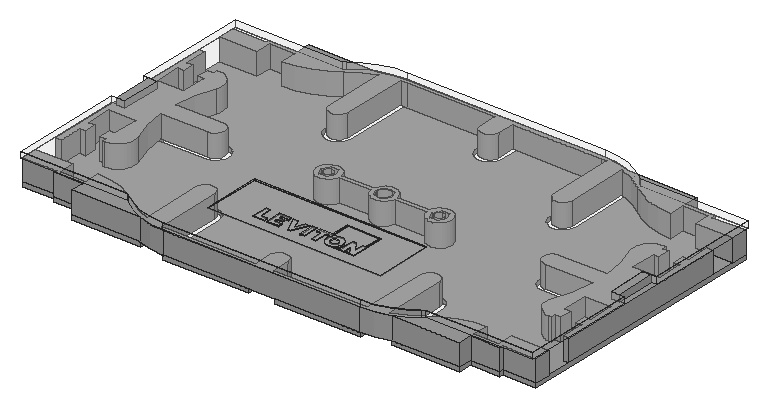
Revit family "Data_Device-Network-Leviton-Splice_Tray-T5PLS", category Data Devices, host Face, Revit 2019 (continued)
Definition of nested family "24-Fiber High Density"
  Lines and regions (in)
    symbolic lines
      curve 17: line (3.61835, 0.29384, 0) -> (3.815, 0.29384, 0)
      curve 18: line (3.815, 0.29384, 0) -> (3.815, 2.00116, 0)
      curve 19: line (3.815, 2.00116, 0) -> (2.21957, 2.00116, 0)
      curve 20: arc (2.21957, 2.00116, 0) -> (2.20273, 2.01354, 0) -> (2.18611, 2.02622, 0) r 1.17102
      curve 21: arc (2.18611, 2.02622, 0) -> (1.84926, 2.21468, 0) -> (1.46883, 2.28, 0) r 1.14053
      curve 22: line (1.46883, 2.28, 0) -> (-1.46883, 2.28, 0)
      curve 23: arc (-1.46883, 2.28, 0) -> (-1.84926, 2.21468, 0) -> (-2.18611, 2.02622, 0) r 1.14053
      curve 24: arc (-2.18611, 2.02622, 0) -> (-2.20273, 2.01354, 0) -> (-2.21957, 2.00116, 0) r 1.17102
  Dimensions and locks (in)
    equal spacing: plane 5 "Top", plane 1 "Center (Front/Back)", plane 7 "Bottom"
    "Height": plane 5 "Top" to plane 7 "Bottom"
    equal spacing: plane 4 "Left", plane 3 "Center (Left/Right)", plane 6 "Right"
    "Width": plane 4 "Left" to plane 6 "Right"
    "Depth": plane 8 to plane 2
    locked: plane 8 to plane 9 at 0.1
    plane 10 to plane 2 = 0.06"
    locked: nested 1 to plane 7 "Bottom" at 0.78
    equal spacing: plane 11, plane 3 "Center (Left/Right)", plane 12
    locked: plane 11 to plane 12 at 1.65338
    Extrusion 5 sketch curve to Extrusion 5 sketch curve to plane 7 "Bottom" = 0.87" locked, 0.6" locked
    equal spacing: Extrusion 5 sketch curve, plane 3 "Center (Left/Right)", Extrusion 5 sketch curve
    locked: Extrusion 5 sketch curve to Extrusion 5 sketch curve at 2.57
    aligned and locked: plane 2 to Extrusion 1
    aligned and locked: level to Extrusion 1
    aligned and locked: plane 10 to Extrusion 3
    aligned and locked: Extrusion 4 sketch curve to plane 4 "Left"
    aligned and locked: Extrusion 4 sketch curve to plane 6 "Right"
    aligned and locked: Extrusion 4 sketch curve to plane 5 "Top"
    aligned and locked: Extrusion 4 sketch curve to plane 7 "Bottom"
    aligned and locked: Extrusion 4 to plane 9
    aligned and locked: nested 1 to plane 9
    aligned and locked: cut or joined group of Extrusion 4, Extrusion 5, Extrusion 6 to plane 9
    aligned and locked: Extrusion 5 to nested 1
    aligned and locked: Extrusion 7 to plane 9
    aligned and locked: curve 1 to cut or joined group of Extrusion 4, Extrusion 5, Extrusion 6
    aligned and locked: curve 2 to cut or joined group of Extrusion 4, Extrusion 5, Extrusion 6
    aligned and locked: curve 3 to cut or joined group of Extrusion 4, Extrusion 5, Extrusion 6
    aligned and locked: curve 4 to cut or joined group of Extrusion 4, Extrusion 5, Extrusion 6
    aligned and locked: curve 5 to cut or joined group of Extrusion 4, Extrusion 5, Extrusion 6
    aligned and locked: curve 6 to cut or joined group of Extrusion 4, Extrusion 5, Extrusion 6
    aligned and locked: curve 7 to cut or joined group of Extrusion 4, Extrusion 5, Extrusion 6
    aligned and locked: curve 8 to cut or joined group of Extrusion 4, Extrusion 5, Extrusion 6
    aligned and locked: curve 9 to cut or joined group of Extrusion 4, Extrusion 5, Extrusion 6
    aligned and locked: curve 10 to cut or joined group of Extrusion 4, Extrusion 5, Extrusion 6
    aligned and locked: curve 11 to cut or joined group of Extrusion 4, Extrusion 5, Extrusion 6
    aligned and locked: curve 12 to cut or joined group of Extrusion 4, Extrusion 5, Extrusion 6
    aligned and locked: curve 13 to cut or joined group of Extrusion 4, Extrusion 5, Extrusion 6
    aligned and locked: curve 14 to cut or joined group of Extrusion 4, Extrusion 5, Extrusion 6
    aligned and locked: curve 15 to cut or joined group of Extrusion 4, Extrusion 5, Extrusion 6
    aligned and locked: curve 16 to cut or joined group of Extrusion 4, Extrusion 5, Extrusion 6
    aligned and locked: curve 17 to cut or joined group of Extrusion 4, Extrusion 5, Extrusion 6
    aligned and locked: curve 18 to cut or joined group of Extrusion 4, Extrusion 5, Extrusion 6
    aligned and locked: curve 19 to cut or joined group of Extrusion 4, Extrusion 5, Extrusion 6
    aligned and locked: curve 20 to cut or joined group of Extrusion 4, Extrusion 5, Extrusion 6
    aligned and locked: curve 21 to cut or joined group of Extrusion 4, Extrusion 5, Extrusion 6
    aligned and locked: curve 22 to cut or joined group of Extrusion 4, Extrusion 5, Extrusion 6
    aligned and locked: curve 23 to cut or joined group of Extrusion 4, Extrusion 5, Extrusion 6
    aligned and locked: curve 24 to cut or joined group of Extrusion 4, Extrusion 5, Extrusion 6
  Automatic sketch dimensions
    Extrusion 1 sketch curve to Extrusion 1 sketch curve = 96"  (x2)
    Extrusion 6 sketch curve to Extrusion 6 sketch curve = 0"  (x2)
    Extrusion 6 sketch curve to plane 11 = 0"
    Extrusion 6 sketch curve to plane 3 "Center (Left/Right)" = 0"
    Extrusion 6 sketch curve to plane 12 = 0"
    plane 1 "Center (Front/Back)" to Extrusion 6 sketch curve = 0.00011"  (x3)
    Extrusion 6 sketch curve to Extrusion 6 sketch curve = 0.1"
    Extrusion 2 sketch curve to Extrusion 2 sketch curve = 0"  (x18)
    Extrusion 2 sketch curve to plane 4 "Left" = 0"  (x3)
    Extrusion 2 sketch curve to plane 3 "Center (Left/Right)" = 0"  (x4)
    Extrusion 2 sketch curve to plane 6 "Right" = 0"  (x3)
    plane 4 "Left" to Extrusion 2 sketch curve = 0.07866"  (x4)
    Extrusion 2 sketch curve to Extrusion 2 sketch curve = 0.08849"  (x8)
    Extrusion 2 sketch curve to Extrusion 2 sketch curve = 0.21631"  (x2)
    plane 4 "Left" to Extrusion 2 sketch curve = 0.49162"  (x2)
    Extrusion 2 sketch curve to Extrusion 2 sketch curve = 0.03747"  (x6)
    Extrusion 2 sketch curve to Extrusion 2 sketch curve = 0.05899"  (x9)
    Extrusion 2 sketch curve to plane 1 "Center (Front/Back)" = 0.13652"
    Extrusion 2 sketch curve to Extrusion 2 sketch curve = 0.12918"
    Extrusion 2 sketch curve to Extrusion 2 sketch curve = 0.00016"  (x2)
    plane 4 "Left" to Extrusion 2 sketch curve = 0.90371"  (x2)
    Extrusion 2 sketch curve to Extrusion 2 sketch curve = 0.37363"  (x9)
    plane 1 "Center (Front/Back)" to Extrusion 2 sketch curve = 0.13879"  (x2)
    Extrusion 2 sketch curve to Extrusion 2 sketch curve = 0.70451"
    Extrusion 2 sketch curve to plane 5 "Top" = 0.07787"
    Extrusion 2 sketch curve to Extrusion 2 sketch curve = 1.01533"  (x2)
    plane 7 "Bottom" to Extrusion 2 sketch curve = 0.07787"
    Extrusion 2 sketch curve to Extrusion 2 sketch curve = 0.06624"  (x4)
    Extrusion 2 sketch curve to Extrusion 2 sketch curve = 0.13765"  (x9)
    Extrusion 2 sketch curve to Extrusion 2 sketch curve = 0.08"  (x3)
    Extrusion 2 sketch curve to Extrusion 2 sketch curve = 0.00943"  (x6)
    plane 1 "Center (Front/Back)" to Extrusion 2 sketch curve = 0.00113"  (x3)
    Extrusion 2 sketch curve to plane 11 = 0.44521"
    plane 1 "Center (Front/Back)" to Extrusion 2 sketch curve = 0.00011"  (x5)
    Extrusion 2 sketch curve to plane 11 = 0.12302"
    Extrusion 2 sketch curve to plane 11 = 0.06151"  (x2)
    plane 11 to Extrusion 2 sketch curve = 0.00076"
    plane 11 to Extrusion 2 sketch curve = 0.06151"  (x2)
    Extrusion 2 sketch curve to Extrusion 2 sketch curve = 0.12226"
    Extrusion 2 sketch curve to plane 1 "Center (Front/Back)" = 0.02963"  (x2)
    Extrusion 2 sketch curve to Extrusion 2 sketch curve = 0.05203"  (x2)
    plane 1 "Center (Front/Back)" to Extrusion 2 sketch curve = 0.02942"  (x2)
    Extrusion 2 sketch curve to Extrusion 2 sketch curve = 0.00042"  (x2)
    Extrusion 2 sketch curve to plane 3 "Center (Left/Right)" = 0.17667"
    Extrusion 2 sketch curve to plane 5 "Top" = 0.05899"
    Extrusion 2 sketch curve to plane 3 "Center (Left/Right)" = 0.13765"
    plane 12 to Extrusion 2 sketch curve = 0.17547"
    plane 12 to Extrusion 2 sketch curve = 0.06151"  (x2)
    plane 12 to Extrusion 2 sketch curve = 0.00076"
    Extrusion 2 sketch curve to plane 12 = 0.06151"  (x2)
    Extrusion 2 sketch curve to plane 12 = 0.12302"
    Extrusion 2 sketch curve to Extrusion 2 sketch curve = 0.32219"
    Extrusion 2 sketch curve to plane 1 "Center (Front/Back)" = 0.00113"  (x2)
    Extrusion 2 sketch curve to plane 12 = 0.61775"  (x2)
    Extrusion 2 sketch curve to Extrusion 2 sketch curve = 0.08943"
    Extrusion 2 sketch curve to Extrusion 2 sketch curve = 1.23728"
    Extrusion 2 sketch curve to plane 6 "Right" = 0.92425"  (x2)
    Extrusion 2 sketch curve to plane 5 "Top" = 0.27846"
    Extrusion 2 sketch curve to Extrusion 2 sketch curve = 0.02054"  (x2)
    Extrusion 2 sketch curve to plane 6 "Right" = 0.6013"
    Extrusion 2 sketch curve to plane 6 "Right" = 0.50943"  (x2)
    Extrusion 2 sketch curve to plane 6 "Right" = 0.16715"  (x2)
    Extrusion 2 sketch curve to plane 6 "Right" = 0.07866"  (x4)
    Extrusion 2 sketch curve to plane 7 "Bottom" = 0.60961"  (x2)
    plane 7 "Bottom" to Extrusion 2 sketch curve = 0.05899"  (x2)
    Extrusion 2 sketch curve to Extrusion 2 sketch curve = 0.00339"  (x2)
    Extrusion 2 sketch curve to Extrusion 2 sketch curve = 0.68749"
    Extrusion 2 sketch curve to Extrusion 2 sketch curve = 0.03891"  (x4)
    Extrusion 2 sketch curve to Extrusion 2 sketch curve = 0.20058"
    plane 7 "Bottom" to Extrusion 2 sketch curve = 0.27846"
    Extrusion 2 sketch curve to Extrusion 2 sketch curve = 0.25564"  (x2)
    Extrusion 2 sketch curve to Extrusion 2 sketch curve = 0.05585"  (x3)
    Extrusion 2 sketch curve to Extrusion 2 sketch curve = 0.00315"
    Extrusion 2 sketch curve to Extrusion 2 sketch curve = 0.23265"  (x3)
    Extrusion 2 sketch curve to Extrusion 2 sketch curve = 0.23598"  (x2)
    Extrusion 2 sketch curve to Extrusion 2 sketch curve = 0.23283"
    Extrusion 2 sketch curve to Extrusion 2 sketch curve = 0.27173"  (x2)
    Extrusion 2 sketch curve to Extrusion 2 sketch curve = 0.06351"  (x4)
    Extrusion 2 sketch curve to Extrusion 2 sketch curve = 0.33524"  (x3)
    Extrusion 2 sketch curve to Extrusion 2 sketch curve = 0.17605"  (x8)
    Extrusion 2 sketch curve to Extrusion 2 sketch curve = 0.00625"  (x4)
    Extrusion 2 sketch curve to Extrusion 2 sketch curve = 0.31237"
    plane 1 "Center (Front/Back)" to Extrusion 2 sketch curve = 0.10664"  (x2)
    Extrusion 2 sketch curve to plane 1 "Center (Front/Back)" = 0.00011"
    Extrusion 2 sketch curve to plane 1 "Center (Front/Back)" = 0.10643"  (x2)
    Extrusion 2 sketch curve to plane 1 "Center (Front/Back)" = 0.45116"  (x2)
    Extrusion 2 sketch curve to Extrusion 2 sketch curve = 0.36739"  (x2)
    Extrusion 2 sketch curve to plane 1 "Center (Front/Back)" = 1.04111"
    Extrusion 2 sketch curve to Extrusion 2 sketch curve = 0.29165"
    Extrusion 2 sketch curve to Extrusion 2 sketch curve = 0.00018"
    Extrusion 2 sketch curve to plane 5 "Top" = 0.06239"
    plane 5 "Top" to Extrusion 2 sketch curve = 0.60961"  (x2)
    Extrusion 2 sketch curve to plane 5 "Top" = 0"
    Extrusion 2 sketch curve to plane 7 "Bottom" = 0"
    Extrusion 3 sketch curve to plane 4 "Left" = 0"
    Extrusion 3 sketch curve to plane 7 "Bottom" = 0"  (x2)
    Extrusion 3 sketch curve to plane 5 "Top" = 0"  (x2)
    Extrusion 3 sketch curve to plane 3 "Center (Left/Right)" = 0"  (x2)
    Extrusion 3 sketch curve to plane 6 "Right" = 0"
    plane 4 "Left" to Extrusion 3 sketch curve = 0.49162"
    Extrusion 3 sketch curve to Extrusion 3 sketch curve = 0.49162"
    Extrusion 3 sketch curve to plane 1 "Center (Front/Back)" = 0.19552"  (x2)
    plane 4 "Left" to Extrusion 3 sketch curve = 0.60622"
    plane 1 "Center (Front/Back)" to Extrusion 3 sketch curve = 0.19778"  (x2)
    Extrusion 3 sketch curve to Extrusion 3 sketch curve = 0"
    Extrusion 3 sketch curve to plane 5 "Top" = 0.07787"  (x2)
    Extrusion 3 sketch curve to Extrusion 3 sketch curve = 0.43263"  (x4)
    plane 7 "Bottom" to Extrusion 3 sketch curve = 0.07787"  (x2)
    Extrusion 3 sketch curve to Extrusion 3 sketch curve = 0.69959"
    Extrusion 3 sketch curve to Extrusion 3 sketch curve = 1.02258"
    Extrusion 3 sketch curve to plane 11 = 1.04148"
    Extrusion 3 sketch curve to Extrusion 3 sketch curve = 0.19665"  (x5)
    Extrusion 3 sketch curve to plane 11 = 0.44521"
    Extrusion 3 sketch curve to plane 3 "Center (Left/Right)" = 0.19665"
    plane 1 "Center (Front/Back)" to Extrusion 3 sketch curve = 0.00113"
    Extrusion 3 sketch curve to plane 12 = 0.44521"
    Extrusion 3 sketch curve to plane 12 = 0.64818"  (x2)
    Extrusion 3 sketch curve to Extrusion 3 sketch curve = 0.64102"
    Extrusion 3 sketch curve to plane 6 "Right" = 0.92425"  (x2)
    Extrusion 3 sketch curve to plane 5 "Top" = 0.27846"
    Extrusion 3 sketch curve to plane 6 "Right" = 0.60622"
    plane 7 "Bottom" to Extrusion 3 sketch curve = 0.27846"
    Extrusion 3 sketch curve to Extrusion 3 sketch curve = 0.20058"  (x2)
    plane 7 "Bottom" to Extrusion 3 sketch curve = 0.31464"
    plane 7 "Bottom" to Extrusion 3 sketch curve = 0.3343"  (x2)
    Extrusion 3 sketch curve to Extrusion 3 sketch curve = 0.96437"  (x3)
    Extrusion 3 sketch curve to Extrusion 3 sketch curve = 1.04224"
    Extrusion 3 sketch curve to plane 5 "Top" = 0.3343"  (x2)
    Extrusion 3 sketch curve to Extrusion 3 sketch curve = 0.31464"
    Extrusion 4 sketch curve to plane 6 "Right" = 0"
    Extrusion 4 sketch curve to plane 4 "Left" = 0"
    Extrusion 4 sketch curve to plane 5 "Top" = 0.27884"  (x2)
    Extrusion 4 sketch curve to plane 7 "Bottom" = 0.67085"  (x2)
    plane 7 "Bottom" to Extrusion 4 sketch curve = 0.27884"  (x2)
    plane 1 "Center (Front/Back)" to Extrusion 4 sketch curve = 1.13947"  (x2)
    plane 1 "Center (Front/Back)" to Extrusion 4 sketch curve = 0.29611"  (x2)
    Extrusion 4 sketch curve to plane 1 "Center (Front/Back)" = 0.29384"  (x2)
    Extrusion 4 sketch curve to plane 1 "Center (Front/Back)" = 1.13947"  (x2)
    plane 5 "Top" to Extrusion 4 sketch curve = 0.67085"  (x2)
    Extrusion 4 sketch curve to plane 6 "Right" = 0.19665"
    Extrusion 4 sketch curve to plane 6 "Right" = 0.91032"  (x2)
    Extrusion 4 sketch curve to Extrusion 4 sketch curve = 1.43585"  (x2)
    Extrusion 4 sketch curve to Extrusion 4 sketch curve = 0.68511"  (x2)
    Extrusion 4 sketch curve to Extrusion 4 sketch curve = 0.75073"  (x4)
    Extrusion 4 sketch curve to plane 11 = 0.64214"  (x2)
    Extrusion 4 sketch curve to Extrusion 4 sketch curve = 0.19665"
    plane 4 "Left" to Extrusion 7 sketch curve = 0.07866"
    plane 1 "Center (Front/Back)" to Extrusion 7 sketch curve = 0.29611"  (x2)
    Extrusion 7 sketch curve to plane 1 "Center (Front/Back)" = 0.29384"  (x2)
    Extrusion 7 sketch curve to plane 6 "Right" = 0.07866"
    Extrusion 7 sketch curve to Extrusion 7 sketch curve = 0.11799"  (x2)
    Extrusion 8 sketch curve to plane 4 "Left" = 0"
    Extrusion 8 sketch curve to plane 7 "Bottom" = 0"
    Extrusion 8 sketch curve to plane 6 "Right" = 0"
    plane 4 "Left" to Extrusion 8 sketch curve = 0.49162"
    Extrusion 8 sketch curve to Extrusion 8 sketch curve = 0.49162"
    Extrusion 8 sketch curve to Extrusion 8 sketch curve = 0.43263"  (x4)
    plane 7 "Bottom" to Extrusion 8 sketch curve = 0.07787"  (x2)
    Extrusion 8 sketch curve to Extrusion 8 sketch curve = 1.0077"  (x2)
    Extrusion 8 sketch curve to plane 6 "Right" = 0.92425"  (x2)
    Extrusion 8 sketch curve to plane 5 "Top" = 0.27846"
    plane 7 "Bottom" to Extrusion 8 sketch curve = 0.27846"
    Extrusion 8 sketch curve to Extrusion 8 sketch curve = 0.20058"  (x2)
    plane 7 "Bottom" to Extrusion 8 sketch curve = 0.3343"  (x2)
    Extrusion 8 sketch curve to plane 5 "Top" = 0.3343"  (x2)
    Extrusion 8 sketch curve to plane 5 "Top" = 0.07787"  (x2)
    Extrusion 8 sketch curve to plane 12 = 0.64214"  (x2)
    Extrusion 8 sketch curve to Extrusion 8 sketch curve = 0.41421"  (x2)
    Extrusion 8 sketch curve to plane 5 "Top" = 0"
    Extrusion 8 sketch curve to plane 11 = 0.64214"  (x2)
    curve 7 to plane 4 "Left" = 0"
    curve 1 to plane 4 "Left" = 0"
    curve 23 to plane 5 "Top" = 0"
    curve 9 to plane 7 "Bottom" = 0"
    curve 18 to plane 6 "Right" = 0"
    curve 15 to plane 6 "Right" = 0"
    curve 2 to curve 4 = 0.19665"
    plane 4 "Left" to curve 24 = 0.91032"
    plane 4 "Left" to curve 8 = 0.91032"
    curve 1 to plane 5 "Top" = 0.27884"
    curve 24 to curve 1 = 0.68511"
    plane 7 "Bottom" to curve 7 = 0.27884"
    curve 8 to curve 7 = 0.68511"
    curve 23 to plane 11 = 0.64214"
    curve 7 to curve 10 = 0.75073"
    curve 10 to plane 12 = 0.64214"
    curve 21 to plane 12 = 0.64214"
    plane 7 "Bottom" to curve 13 = 0.27884"
    curve 11 to curve 13 = 0.75073"
    curve 19 to plane 5 "Top" = 0.27884"
    curve 21 to curve 19 = 0.75073"
    curve 12 to plane 6 "Right" = 0.91032"
    curve 20 to plane 6 "Right" = 0.91032"
    curve 15 to plane 6 "Right" = 0.19665"
    curve 12 to plane 7 "Bottom" = 0.67085"
    curve 8 to plane 7 "Bottom" = 0.67085"
    plane 1 "Center (Front/Back)" to curve 11 = 1.13947"
    plane 1 "Center (Front/Back)" to curve 9 = 1.13947"
    plane 1 "Center (Front/Back)" to curve 6 = 0.29611"
    plane 1 "Center (Front/Back)" to curve 16 = 0.29611"
    curve 17 to plane 1 "Center (Front/Back)" = 0.29384"
    curve 2 to plane 1 "Center (Front/Back)" = 0.29384"
    curve 21 to plane 1 "Center (Front/Back)" = 1.13947"
    curve 23 to plane 1 "Center (Front/Back)" = 1.13947"
    plane 5 "Top" to curve 20 = 0.67085"
    plane 5 "Top" to curve 24 = 0.67085"
    radius of Extrusion 6 sketch curve = 0.06889"  (x2)
    radius of Extrusion 2 sketch curve = 0.12007"
  Nested families (in)
    nested 1: "Levinton-Logo-Mini" at (0, -1.5, 0.47437), type "Mini", detail levels medium+fine
      with Logo Material none
  Definition of nested family "Levinton-Logo-Mini"
    Parameters (values of type "Mini")
      Logo Material [instance] = none
      Height = 0.645"
      Default Elevation = 48"
    Reference planes (in)
      plane 1 "Center (Front/Back)": y = 0
      plane 2: z = 0
      plane 3 "Center (Left/Right)": x = 0
      plane 4 "Logo Bottom": z = -0.01563
      plane 5: y = 0.52022
      plane 6: x = -0.75
      plane 7: x = 0.75
    Forms (in)
      Extrusion 1, solid, material <- "Logo Material"
        sketch origin (0, 0, -0.01563) x (-1, 0, 0) y (0, -1, 0)
          loop
            line (0.6807, -0.2447) -> (0.75, -0.2447) -> (0.75, 0) -> (0.58397, 0) -> (0.58397, -0.0648) -> (0.6807, -0.0648) -> (0.6807, -0.2447)
          loop
            line (0.36502, -0.2447) -> (0.54675, -0.2447) -> (0.54675, 0) -> (0.36343, 0) -> (0.36343, -0.0638) -> (0.47784, -0.0638) -> (0.47784, -0.09755) -> (0.39492, -0.09755) -> (0.39492, -0.1488) -> (0.47784, -0.1488) -> (0.47784, -0.181) -> (0.36502, -0.181) -> (0.36502, -0.2447)
          loop
            line (0.26335, -0.2447) -> (0.33945, -0.2447) -> (0.24068, 0.00131) -> (0.18347, 0.00146) -> (0.08461, -0.2447) -> (0.15942, -0.2447) -> (0.21139, -0.10474) -> (0.26335, -0.2447)
          loop
            line (-0.01265, -0.2447) -> (0.05659, -0.2447) -> (0.05659, 0) -> (-0.01265, 0) -> (-0.01265, -0.2447)
          loop
            line (-0.36974, 0.00286) -> (-0.75, 0.00286) -> (-0.75, -0.52022) -> (-0.24513, -0.52022) -> (-0.24513, -0.2447) -> (-0.05545, -0.2447) -> (-0.05545, -0.1794) -> (-0.11618, -0.1794) -> (-0.11618, 0) -> (-0.18542, 0) -> (-0.18542, -0.1794) -> (-0.24514, -0.1794) -> (-0.24514, -0.12175)
            arc (-0.24514, -0.12175) -> (-0.28164, -0.03364) -> (-0.36974, 0.00286) r 0.1246
          loop
            line (-0.43149, -0.01348) -> (-0.53031, -0.01348) -> (-0.53031, -0.2447) -> (-0.59073, -0.2447) -> (-0.6814, -0.12172) -> (-0.6814, -0.2447) -> (-0.73267, -0.2447) -> (-0.73265, -0.50286) -> (-0.26251, -0.50286) -> (-0.26242, -0.18507)
            arc (-0.26242, -0.18507) -> (-0.45852, -0.2092) -> (-0.43149, -0.01348) r 0.12462
          loop
            line (-0.59892, -0.01348) -> (-0.6814, -0.01348) -> (-0.59892, -0.12534) -> (-0.59892, -0.01348)
          loop
            circle (-0.36975, -0.12173) r 0.05894
        from 0.01562 to 0.03125
    Dimensions and locks (in)
      locked: plane 2 to plane 4 "Logo Bottom" at 0.01562
      equal spacing: plane 6, plane 3 "Center (Left/Right)", plane 7
      locked: plane 6 to plane 7 at 1.5
      locked: plane 1 "Center (Front/Back)" to plane 5 at 0.52022
    Automatic sketch dimensions
      Extrusion 1 sketch curve to Extrusion 1 sketch curve = 0"  (x7)
      plane 1 "Center (Front/Back)" to Extrusion 1 sketch curve = 0"  (x4)
      Extrusion 1 sketch curve to plane 3 "Center (Left/Right)" = 0.75"
      Extrusion 1 sketch curve to Extrusion 1 sketch curve = 0.01733"
      Extrusion 1 sketch curve to Extrusion 1 sketch curve = 0.01735"
      Extrusion 1 sketch curve to plane 1 "Center (Front/Back)" = 0.12172"
      Extrusion 1 sketch curve to Extrusion 1 sketch curve = 0.05127"
      Extrusion 1 sketch curve to plane 1 "Center (Front/Back)" = 0.01348"  (x2)
      Extrusion 1 sketch curve to Extrusion 1 sketch curve = 0.0686"
      Extrusion 1 sketch curve to plane 1 "Center (Front/Back)" = 0.12534"
      Extrusion 1 sketch curve to Extrusion 1 sketch curve = 0.08248"
      Extrusion 1 sketch curve to plane 1 "Center (Front/Back)" = 0.2447"  (x2)
      Extrusion 1 sketch curve to Extrusion 1 sketch curve = 0.09067"
      Extrusion 1 sketch curve to Extrusion 1 sketch curve = 0.06041"
      Extrusion 1 sketch curve to Extrusion 1 sketch curve = 0.09883"
      Extrusion 1 sketch curve to Extrusion 1 sketch curve = 0.06174"
      Extrusion 1 sketch curve to Extrusion 1 sketch curve = 0.00001"  (x2)
      plane 3 "Center (Left/Right)" to Extrusion 1 sketch curve = 0.26251"
      Extrusion 1 sketch curve to Extrusion 1 sketch curve = 0.10732"
      Extrusion 1 sketch curve to Extrusion 1 sketch curve = 0.01728"
      Extrusion 1 sketch curve to Extrusion 1 sketch curve = 0.01729"
      Extrusion 1 sketch curve to Extrusion 1 sketch curve = 0.05972"
      Extrusion 1 sketch curve to Extrusion 1 sketch curve = 0.06924"
      plane 3 "Center (Left/Right)" to Extrusion 1 sketch curve = 0.05545"
      plane 3 "Center (Left/Right)" to Extrusion 1 sketch curve = 0.01265"
      Extrusion 1 sketch curve to plane 3 "Center (Left/Right)" = 0.05659"
      Extrusion 1 sketch curve to Extrusion 1 sketch curve = 0.02802"
      Extrusion 1 sketch curve to Extrusion 1 sketch curve = 0.07482"
      plane 1 "Center (Front/Back)" to Extrusion 1 sketch curve = 0.00146"
      Extrusion 1 sketch curve to Extrusion 1 sketch curve = 0.12688"
      Extrusion 1 sketch curve to plane 1 "Center (Front/Back)" = 0.10474"
      Extrusion 1 sketch curve to Extrusion 1 sketch curve = 0.02792"
      plane 1 "Center (Front/Back)" to Extrusion 1 sketch curve = 0.00131"
      Extrusion 1 sketch curve to Extrusion 1 sketch curve = 0.05721"
      Extrusion 1 sketch curve to Extrusion 1 sketch curve = 0.10392"
      Extrusion 1 sketch curve to Extrusion 1 sketch curve = 0.0761"
      Extrusion 1 sketch curve to Extrusion 1 sketch curve = 0.12275"
      Extrusion 1 sketch curve to Extrusion 1 sketch curve = 0.02557"
      Extrusion 1 sketch curve to Extrusion 1 sketch curve = 0.02991"
      Extrusion 1 sketch curve to Extrusion 1 sketch curve = 0.08291"
      Extrusion 1 sketch curve to Extrusion 1 sketch curve = 0.06892"
      Extrusion 1 sketch curve to Extrusion 1 sketch curve = 0.03722"
      Extrusion 1 sketch curve to Extrusion 1 sketch curve = 0.09673"
      Extrusion 1 sketch curve to Extrusion 1 sketch curve = 0.0693"
      Extrusion 1 sketch curve to Extrusion 1 sketch curve = 0.12298"
      Extrusion 1 sketch curve to Extrusion 1 sketch curve = 0.25817"
      Extrusion 1 sketch curve to Extrusion 1 sketch curve = 0.01736"
      Extrusion 1 sketch curve to Extrusion 1 sketch curve = 0.05963"
      Extrusion 1 sketch curve to Extrusion 1 sketch curve = 0.0637"
      Extrusion 1 sketch curve to Extrusion 1 sketch curve = 0.00566"
      Extrusion 1 sketch curve to Extrusion 1 sketch curve = 0.06529"
      Extrusion 1 sketch curve to Extrusion 1 sketch curve = 0.03219"
      Extrusion 1 sketch curve to Extrusion 1 sketch curve = 0.05126"
      Extrusion 1 sketch curve to Extrusion 1 sketch curve = 0.0648"
      Extrusion 1 sketch curve to Extrusion 1 sketch curve = 0.03375"
      plane 1 "Center (Front/Back)" to Extrusion 1 sketch curve = 0.00286"
      radius of Extrusion 1 sketch curve = 0.05894"
Definition of nested family "Symbol"
  Parameters
    Tel Data = no
    Phone = no
    Data = yes
  Reference planes (in)
    plane 1: y = 0
    plane 2: x = 0
  Lines and regions (in)
    Filled region 1, type "Solid Black", visible <- "Tel Data"
      outline origin (0, 0, 0) x (1, 0, 0) y (0, 1, 0)
        loop
          line (0, 0) -> (0.0654, 0.11328) -> (0, 0.11328) -> (0, 0)
    Filled region 2, type "Solid Black", visible <- "Phone"
      outline origin (0, 0, 0) x (1, 0, 0) y (0, 1, 0)
        loop
          line (0, 0) -> (0.0654, 0.11328) -> (-0.0654, 0.11328) -> (0, 0)
    Filled region 3, type "White", visible <- "Data"
      outline origin (0, 0, 0) x (1, 0, 0) y (0, 1, 0)
        loop
          line (0, 0) -> (0.0654, 0.11328) -> (-0.0654, 0.11328) -> (0, 0)
    Filled region 4, type "White", visible <- "Tel Data"
      outline origin (0, 0, 0) x (1, 0, 0) y (0, 1, 0)
        loop
          line (0, 0.11328) -> (-0.0654, 0.11328) -> (0, 0) -> (0, 0.11328)
Types (2): name | z Leviton Type | z Is 24 Fibers | z Is 12 Fibers | Width | Part Number | Part Description | Height | Description | Depth | Adapter Material
  12-Fiber Splice Tray | 1 | no | yes | 5.59" | "T5PLS-12F" | "OPT-X SDX Engage Low Loss MTP Fiber Cassettes - OM3, 12-fiber, MPT to LC shuttered, C Polarity." | 3.74" | "OPT-X SDX Engage Low Loss MTP Fiber Cassettes - OM3, 12-fiber, MPT to LC shuttered, C Polarity." | 0.53" | Plastic - Leviton - Aqua
  24-Fiber Splice Tray | 2 | yes | no | 7.621" | "T5PLS-24F" | "OPT-X SDX Engage Low Loss MTP Fiber Cassettes - OS2, 24-fiber, 2x12F MTP to LC shuttered, C Polarity." | 4.567" | "OPT-X SDX Engage Low Loss MTP Fiber Cassettes - OS2, 24-fiber, 2x12F MTP to LC shuttered, C Polarity." | 0.49" | Plastic - Leviton - Blue
